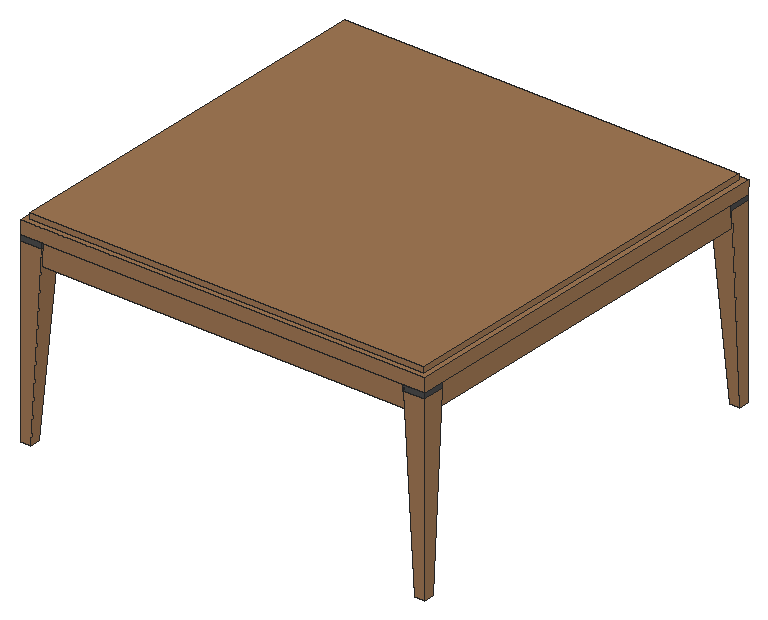
Revit family "FU_Table_Sandler_TOFFEE 1-0", category Furniture, Revit 2022
Family settings
  OmniClass Number = 23.21.23.15.17
  Work Plane-Based = Yes
  Always vertical = No
  Cut with Voids When Loaded = No
  Render Appearance Source = Family Geometry
  Shared = No
  Room Calculation Point = No
Parameters (values of type "TOFFEE 1.0")
  Youtube clip = ""
  Width = 750.000 mm
  Uniformat II Description = "Movable Furnishings"
  Uniformat II Code = ""
  Uniclass 2015 Name = ""
  Uniclass 2015 Code = ""
  Uniclass 2.0 Description = ""
  Uniclass 2.0 Code = ""
  Uniclass 1.4 Description = ""
  Uniclass 1.4 Code = ""
  URL = "https://www.sandlerseating.com/product/toffee-1-0/"
  UNSPSC Code = ""
  Technical description = ""
  Inlay [instance] = Wood - Beech - 9005 Black Matt
  Height = 380.000 mm
  Frame [instance] = Wood - Beech - Dark Cherry
  Region South America = "All"
  Region Oceania = "All"
  Region North America = "All"
  Region Middle East = "All"
  Region Europe = "All"
  Region Asia = "All"
  Region Antarctica = "All"
  Region Africa = "All"
  QR code = "https://www.sandlerseating.com/product/toffee-1-0/"
  Product url = "https://www.sandlerseating.com/product/toffee-1-0/"
  Product name = "TOFFEE"
  Product group = "Table"
  Product family = "Furniture"
  Product data url = "https://www.sandlerseating.com/product/toffee-1-0/"
  Product certification = ""
  Product SKU = "??"
  Product Guid = "??"
  OmniClass Description = ""
  OmniClass Code = "23-21 23 15 17"
  NBS Reference Description = ""
  NBS Reference Code = ""
  Model = "TOFFEE 1.0"
  Masterformat 2014 Description = "Table Mats"
  Masterformat 2014 Code = "12 48 43.13"
  Manufacturer name = "Sandler"
  Manufacturer country = "USA"
  Manufacturer = "Sandler"
  Installation instructions = ""
  IFC Classification = "Furnishing Element"
  GTIN code = ""
  Edition number = 1
  Design country = ""
  Description = "Solid beech square coffee table with detailing at the top of legs."
  Depth = 750.000 mm
  Default Elevation = 0.000 mm
  Date of publishing = ""
  COBIe Type Category = ""
  Brand url = "https://www.sandlerseating.com/"
  BIMobject main category code = "furniture"
  BIMobject main category = "Furniture"
  BIMobject category code = "furniture-table"
  BIMobject category = "Table"
Reference planes
  plane 1 "Center Front/Back": y = 0
  plane 2: z = 0
  plane 3 "Center Left/Right": x = 0
  plane 4 "Right": x = -375
  plane 5 "Left": x = 375
  plane 6 "Back": y = 375
  plane 7 "Front": y = -375
  plane 8 "Height": z = 380
Forms (mm)
  Blend 1, solid, material "Wood - Beech - Dark Cherry" <- "Frame"
    base sketch origin (0, 0, 0) x (1, 0, 0) y (0, 1, 0)
      loop
        line (335.552, -335.63) -> (335.552, -375) -> (375, -375) -> (375, -335.63) -> (335.552, -335.63)
    top sketch origin (0, 0, 0) x (1, 0, 0) y (0, 1, 0)
      loop
        line (375, -375) -> (375, -356.075) -> (356.005, -356.075) -> (356.005, -375) -> (375, -375)
    from 335 to 0
  Extrusion 2, solid, material "Wood - Beech - Dark Cherry" <- "Frame"
    sketch origin (0, 0, 380) x (-1, 0, 0) y (0, -1, 0)
      loop
        line (375, -375) -> (375, 375) -> (-375, 375) -> (-375, -375) -> (375, -375)
    from -10 to -35
  Extrusion 3, solid, material "Wood - Beech - Dark Cherry" <- "Frame"
    sketch origin (0, 0, 380) x (-1, 0, 0) y (0, -1, 0)
      loop
        line (375, -375) -> (375, 375) -> (-375, 375) -> (-375, -375) -> (375, -375)
    from -10 to 0
  Extrusion 4, solid, material "Wood - Beech - Dark Cherry" <- "Frame"
    sketch origin (0, 0, 380) x (-1, 0, 0) y (0, -1, 0)
      loop
        line (370, -373) -> (370, -375) -> (375, -375) -> (375, -370) -> (373, -370) -> (373, 370) -> (375, 370) -> (375, 375) -> (370, 375) -> (370, 373) -> (-370, 373) -> (-370, 375) -> (-375, 375) -> (-375, 370) -> (-373, 370) -> (-373, -370) -> (-375, -370) -> (-375, -375) -> (-370, -375) -> (-370, -373) -> (370, -373)
      loop
        line (353, -353) -> (353, 353) -> (-353, 353) -> (-353, -353) -> (353, -353)
    from -35 to -75
  Extrusion 5, void
    sketch origin (0, 0, 380) x (-1, 0, 0) y (0, -1, 0)
      loop
        line (365, -365) -> (365, 365) -> (-365, 365) -> (-365, -365) -> (365, -365)
      loop
        line (375, -375) -> (375, 375) -> (-375, 375) -> (-375, -375) -> (375, -375)
    from 0 to -10
  Blend 6, void
    base sketch origin (0, 0, 0) x (1, 0, 0) y (0, 1, 0)
      loop
        line (338, -338) -> (338, -380) -> (380, -380) -> (380, -338) -> (338, -338)
    top sketch origin (0, 0, 0) x (1, 0, 0) y (0, 1, 0)
      loop
        line (380, -380) -> (380, -335) -> (335, -335) -> (335, -380) -> (380, -380)
    from 300 to 345
  Blend 7, solid, material "Wood - Beech - Dark Cherry" <- "Frame"
    base sketch origin (0, 0, 0) x (1, 0, 0) y (0, 1, 0)
      loop
        line (335.552, 335.63) -> (375, 335.63) -> (375, 375) -> (335.552, 375) -> (335.552, 335.63)
    top sketch origin (0, 0, 0) x (1, 0, 0) y (0, 1, 0)
      loop
        line (375, 375) -> (356.005, 375) -> (356.005, 356.075) -> (375, 356.075) -> (375, 375)
    from 335 to 0
  Blend 8, void
    base sketch origin (0, 0, 0) x (1, 0, 0) y (0, 1, 0)
      loop
        line (338, 338) -> (380, 338) -> (380, 380) -> (338, 380) -> (338, 338)
    top sketch origin (0, 0, 0) x (1, 0, 0) y (0, 1, 0)
      loop
        line (380, 380) -> (335, 380) -> (335, 335) -> (380, 335) -> (380, 380)
    from 300 to 345
  Blend 9, solid, material "Wood - Beech - Dark Cherry" <- "Frame"
    base sketch origin (0, 0, 0) x (-1, 0, 0) y (0, -1, 0)
      loop
        line (335.552, 335.63) -> (375, 335.63) -> (375, 375) -> (335.552, 375) -> (335.552, 335.63)
    top sketch origin (0, 0, 0) x (-1, 0, 0) y (0, -1, 0)
      loop
        line (375, 375) -> (356.005, 375) -> (356.005, 356.075) -> (375, 356.075) -> (375, 375)
    from 335 to 0
  Blend 10, void
    base sketch origin (0, 0, 0) x (-1, 0, 0) y (0, -1, 0)
      loop
        line (338, 338) -> (380, 338) -> (380, 380) -> (338, 380) -> (338, 338)
    top sketch origin (0, 0, 0) x (-1, 0, 0) y (0, -1, 0)
      loop
        line (380, 380) -> (335, 380) -> (335, 335) -> (380, 335) -> (380, 380)
    from 300 to 345
  Blend 11, solid, material "Wood - Beech - Dark Cherry" <- "Frame"
    base sketch origin (0, 0, 0) x (-1, 0, 0) y (0, -1, 0)
      loop
        line (335.552, -335.63) -> (335.552, -375) -> (375, -375) -> (375, -335.63) -> (335.552, -335.63)
    top sketch origin (0, 0, 0) x (-1, 0, 0) y (0, -1, 0)
      loop
        line (375, -375) -> (375, -356.075) -> (356.005, -356.075) -> (356.005, -375) -> (375, -375)
    from 335 to 0
  Blend 12, void
    base sketch origin (0, 0, 0) x (-1, 0, 0) y (0, -1, 0)
      loop
        line (338, -338) -> (338, -380) -> (380, -380) -> (380, -338) -> (338, -338)
    top sketch origin (0, 0, 0) x (-1, 0, 0) y (0, -1, 0)
      loop
        line (380, -380) -> (380, -335) -> (335, -335) -> (335, -380) -> (380, -380)
    from 300 to 345
  Extrusion 13, solid, material "Wood - Beech - 9005 Black Matt" <- "Inlay"
    sketch origin (0, 0, 380) x (-1, 0, 0) y (0, -1, 0)
      loop
        line (375, -375) -> (375, -335) -> (335, -335) -> (335, -375) -> (375, -375)
      loop
        line (-375, -375) -> (-335, -375) -> (-335, -335) -> (-375, -335) -> (-375, -375)
      loop
        line (375, 375) -> (335, 375) -> (335, 335) -> (375, 335) -> (375, 375)
      loop
        line (-375, 375) -> (-375, 335) -> (-335, 335) -> (-335, 375) -> (-375, 375)
    from -35 to -45
Cuts and joins
  Extrusion 5 cuts Extrusion 3
  Blend 6, Blend 8, Blend 10, Blend 12 cuts Extrusion 4
Dimensions and locks
  equal spacing: plane 4 "Right", plane 3 "Center Left/Right", plane 5 "Left"
  "Width": plane 4 "Right" to plane 5 "Left"
  equal spacing: plane 6 "Back", plane 1 "Center Front/Back", plane 7 "Front"
  "Depth": plane 6 "Back" to plane 7 "Front"
  "Height": plane 8 "Height" to level
  aligned and locked: level to plane 2
  aligned and locked: plane 4 "Right" to Extrusion 2
  aligned and locked: plane 6 "Back" to Extrusion 2
  aligned and locked: Extrusion 2 to plane 5 "Left"
  aligned and locked: Extrusion 2 to plane 7 "Front"
Automatic sketch dimensions
  Blend 1 sketch curve to plane 7 "Front" = 0.000 mm  (x2)
  Blend 1 sketch curve to plane 5 "Left" = 0.000 mm  (x2)
  Blend 1 sketch curve to Blend 1 sketch curve = 39.448 mm
  plane 7 "Front" to Blend 1 sketch curve = 39.370 mm
  Blend 1 sketch curve to Blend 1 sketch curve = 18.995 mm
  plane 7 "Front" to Blend 1 sketch curve = 18.925 mm
  Extrusion 2 sketch curve to plane 5 "Left" = 0.000 mm
  Extrusion 2 sketch curve to plane 4 "Right" = 0.000 mm
  Extrusion 2 sketch curve to plane 6 "Back" = 0.000 mm
  Extrusion 2 sketch curve to plane 7 "Front" = 0.000 mm
  Extrusion 3 sketch curve to plane 5 "Left" = 0.000 mm
  Extrusion 3 sketch curve to plane 4 "Right" = 0.000 mm
  Extrusion 3 sketch curve to plane 6 "Back" = 0.000 mm
  Extrusion 3 sketch curve to plane 7 "Front" = 0.000 mm
  Extrusion 4 sketch curve to plane 5 "Left" = 0.000 mm  (x2)
  Extrusion 4 sketch curve to plane 6 "Back" = 0.000 mm  (x2)
  Extrusion 4 sketch curve to plane 7 "Front" = 0.000 mm  (x2)
  Extrusion 4 sketch curve to plane 4 "Right" = 0.000 mm  (x2)
  Extrusion 4 sketch curve to Extrusion 4 sketch curve = 2.000 mm  (x3)
  Extrusion 4 sketch curve to Extrusion 4 sketch curve = 5.000 mm  (x3)
  plane 5 "Left" to Extrusion 4 sketch curve = 22.000 mm
  Extrusion 4 sketch curve to plane 4 "Right" = 22.000 mm
  Extrusion 4 sketch curve to plane 6 "Back" = 2.000 mm
  Extrusion 4 sketch curve to plane 4 "Right" = 5.000 mm
  Extrusion 4 sketch curve to Extrusion 4 sketch curve = 3.000 mm
  Extrusion 4 sketch curve to plane 6 "Back" = 5.000 mm
  Extrusion 4 sketch curve to plane 6 "Back" = 22.000 mm
  plane 7 "Front" to Extrusion 4 sketch curve = 22.000 mm
  plane 7 "Front" to Extrusion 4 sketch curve = 5.000 mm  (x2)
  Extrusion 5 sketch curve to plane 5 "Left" = 0.000 mm
  Extrusion 5 sketch curve to plane 4 "Right" = 0.000 mm
  Extrusion 5 sketch curve to plane 6 "Back" = 0.000 mm
  Extrusion 5 sketch curve to plane 7 "Front" = 0.000 mm
  plane 5 "Left" to Extrusion 5 sketch curve = 10.000 mm
  Extrusion 5 sketch curve to plane 4 "Right" = 10.000 mm
  Extrusion 5 sketch curve to plane 6 "Back" = 10.000 mm
  plane 7 "Front" to Extrusion 5 sketch curve = 10.000 mm
  Blend 6 sketch curve to plane 7 "Front" = 5.000 mm  (x2)
  plane 5 "Left" to Blend 6 sketch curve = 37.000 mm
  Blend 6 sketch curve to plane 5 "Left" = 5.000 mm  (x2)
  plane 7 "Front" to Blend 6 sketch curve = 37.000 mm
  plane 5 "Left" to Blend 6 sketch curve = 40.000 mm
  plane 7 "Front" to Blend 6 sketch curve = 40.000 mm
  Blend 7 sketch curve to plane 6 "Back" = 0.000 mm  (x2)
  Blend 7 sketch curve to plane 5 "Left" = 0.000 mm  (x2)
  Blend 7 sketch curve to Blend 7 sketch curve = 39.448 mm
  Blend 7 sketch curve to plane 6 "Back" = 39.370 mm
  Blend 7 sketch curve to Blend 7 sketch curve = 18.995 mm
  Blend 7 sketch curve to plane 6 "Back" = 18.925 mm
  plane 6 "Back" to Blend 8 sketch curve = 5.000 mm  (x2)
  plane 5 "Left" to Blend 8 sketch curve = 37.000 mm
  Blend 8 sketch curve to plane 5 "Left" = 5.000 mm  (x2)
  Blend 8 sketch curve to plane 6 "Back" = 37.000 mm
  plane 5 "Left" to Blend 8 sketch curve = 40.000 mm
  Blend 8 sketch curve to plane 6 "Back" = 40.000 mm
  Blend 9 sketch curve to plane 7 "Front" = 0.000 mm  (x2)
  Blend 9 sketch curve to plane 4 "Right" = 0.000 mm  (x2)
  Blend 9 sketch curve to Blend 9 sketch curve = 39.448 mm
  plane 7 "Front" to Blend 9 sketch curve = 39.370 mm
  Blend 9 sketch curve to Blend 9 sketch curve = 18.995 mm
  plane 7 "Front" to Blend 9 sketch curve = 18.925 mm
  Blend 10 sketch curve to plane 7 "Front" = 5.000 mm  (x2)
  Blend 10 sketch curve to plane 4 "Right" = 37.000 mm
  plane 4 "Right" to Blend 10 sketch curve = 5.000 mm  (x2)
  plane 7 "Front" to Blend 10 sketch curve = 37.000 mm
  Blend 10 sketch curve to plane 4 "Right" = 40.000 mm
  plane 7 "Front" to Blend 10 sketch curve = 40.000 mm
  Blend 11 sketch curve to plane 6 "Back" = 0.000 mm  (x2)
  Blend 11 sketch curve to plane 4 "Right" = 0.000 mm  (x2)
  Blend 11 sketch curve to Blend 11 sketch curve = 39.448 mm
  Blend 11 sketch curve to Blend 11 sketch curve = 39.370 mm
  Blend 11 sketch curve to Blend 11 sketch curve = 18.995 mm
  Blend 11 sketch curve to Blend 11 sketch curve = 18.925 mm
  plane 6 "Back" to Blend 12 sketch curve = 5.000 mm  (x2)
  Blend 12 sketch curve to plane 4 "Right" = 37.000 mm
  plane 4 "Right" to Blend 12 sketch curve = 5.000 mm  (x2)
  Blend 12 sketch curve to plane 6 "Back" = 37.000 mm
  Blend 12 sketch curve to plane 4 "Right" = 40.000 mm
  Blend 12 sketch curve to plane 6 "Back" = 40.000 mm
  Extrusion 13 sketch curve to plane 5 "Left" = 0.000 mm  (x2)
  Extrusion 13 sketch curve to plane 6 "Back" = 0.000 mm  (x2)
  Extrusion 13 sketch curve to plane 7 "Front" = 0.000 mm  (x2)
  Extrusion 13 sketch curve to plane 4 "Right" = 0.000 mm  (x2)
  Extrusion 13 sketch curve to Extrusion 13 sketch curve = 40.000 mm  (x5)
  Extrusion 13 sketch curve to plane 6 "Back" = 40.000 mm
  plane 7 "Front" to Extrusion 13 sketch curve = 40.000 mm  (x2)
